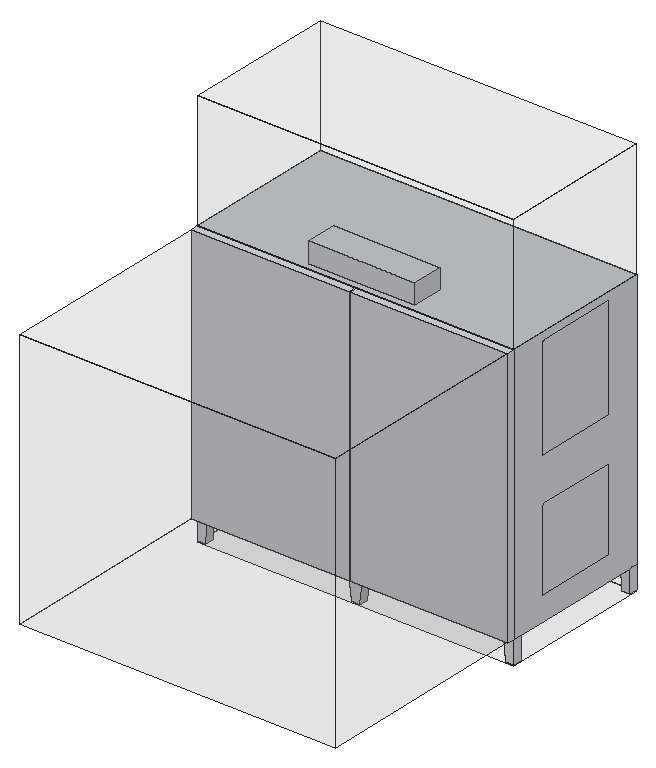
Revit family "AHU 3 _6", category Mechanické zařízení, Revit 2018
Family settings
  Kóta kulaté spojky = Použít průměr
  Typ dílu = Normální
  Číslo OmniClass = 23.75.00.00
  Nadpis OmniClass = Climate Control (HVAC)
  Založené na pracovní rovině = Ne
  Vždy vertikální = Ano
  Ořezat dutým tvarem při načtení = Ne
  Sdílené = Ne
  Bod výpočtu místnosti = Ne
Parameters (values of type "DUPLEXVENT Flexi (3G) DV4500 (RD5)")
  Width [instance] = 0.99 mm
  Weight [instance] = 408.00 kg
  URL = ""
  Type [instance] = "DUPLEXVENT Flexi (3G) DV4500 (RD5)"
  Total_SFP [instance] = 0
  Supply_outlet_hum [instance] = 25.1
  Supply_inlet_hum [instance] = 90
  Supply_ext_pressure [instance] = 200.0 Pa
  Supply_SFP [instance] = 0
  Source_adu_file [instance] = "C:\\\\Users\\\\dgavril\\\\OneDrive - Airflow Developments Ltd\\\\Desktop\\\\adu durley chine V4.adu"
  Recuperation_type [instance] = "Plate heat recovery exchanger"
  Recuperation_efficiency_EN308 [instance] = 82.6
  Project_name [instance] = "Durley Chine Passivhaus"
  Project_date [instance] = "13-08-2021"
  Power_supply_fusing [instance] = "0"
  Power_supply_cable [instance] = "0"
  Position [instance] = "AHU 3 "
  Phases_count [instance] = 3
  Panel_thickness [instance] = 0.06 mm
  Outer_surface [instance] = "RAL 9002"
  Length [instance] = 1.95 mm
  Insulation_type [instance] = "PUR"
  Insulation_thickness [instance] = 0.05 mm
  Installation_environment [instance] = ""
  Input_power_max [instance] = 5000 W
  Inner_surface [instance] = "Pozink"
  I2 [instance] = I1  # 0.0 L/s
  Height [instance] = 1.6 mm
  Exhaust_outlet_hum [instance] = 96
  Exhaust_inlet_hum [instance] = 40
  Exhaust_ext_pressure [instance] = 200.0 Pa
  Exhaust_SFP [instance] = 0
  E1 [instance] = E2 - M1  # 0.0 L/s
  E2 [instance] = 0.0 L/s
  I1 [instance] = 0.0 L/s
  Description = ""
  M1 [instance] = 0.0 L/s
  Device_dutypoint_version [instance] = "38"
  Device_design_version [instance] = "116"
  Device_adu_id [instance] = "6"
  Current_max [instance] = 7.6 A
  Casing_mat [instance] = "painted zinc layer"
  Cable type [instance] = "CYKY 5Jx2,5"
Reference planes
  plane 1 "Střed (vpředu/vzadu)": y = 0
  plane 2 "ref": z = 0
  plane 3 "Střed (vlevo/vpravo)": x = 0
Forms (mm)
  Sweep 1, solid
    path origin (0, 0, 0) x (0, 0, 1) y (1, 0, 0)
      loop
        line (0, 0) -> (1600, 0)
    profile origin (0, 0, 0) x (1, 0, 0) y (0, 1, 0)
      loop
        line (0, 0) -> (1950, 0) -> (1950, 945) -> (0, 945) -> (0, 0)
  Sweep 2, solid
    path origin (0, 0, 0) x (0, 0, 1) y (1, 0, 0)
      loop
        line (0, 0) -> (1600, 0)
    profile origin (0, 0, 0) x (1, 0, 0) y (0, 1, 0)
      loop
        line (0, 0) -> (0, -45) -> (1950, -45) -> (1950, 0) -> (0, 0)
  Sweep 3, solid
    path origin (1, 470, 400) x (0, 1, 0) y (-1, 0, 0)
      loop
        line (0, 0) -> (0, 1)
    profile origin (1, 470, 400) x (0, -1, 0) y (0, 0, 1)
      loop
        line (-250, -250) -> (250, -250) -> (250, 250) -> (-250, 250) -> (-250, -250)
  Sweep 4, solid
    path origin (1949, 470, 1240) x (1, 0, 0) y (0, 1, 0)
      loop
        line (0, 0) -> (1, 0)
    profile origin (1949, 470, 1240) x (0, 1, 0) y (0, 0, 1)
      loop
        line (-250, 315) -> (-250, -315) -> (250, -315) -> (250, 315) -> (-250, 315)
  Sweep 5, solid
    path origin (1949, 470, 400) x (1, 0, 0) y (0, 1, 0)
      loop
        line (0, 0) -> (1, 0)
    profile origin (1949, 470, 400) x (0, 1, 0) y (0, 0, 1)
      loop
        line (-250, 250) -> (-250, -250) -> (250, -250) -> (250, 250) -> (-250, 250)
  Sweep 6, solid
    path origin (1, 470, 1240) x (0, 1, 0) y (-1, 0, 0)
      loop
        line (0, 0) -> (0, 1)
    profile origin (1, 470, 1240) x (0, -1, 0) y (0, 0, 1)
      loop
        line (-250, -315) -> (250, -315) -> (250, 315) -> (-250, 315) -> (-250, -315)
  Sweep 7, solid
    path origin (750, 357, 0) x (0, -1, 0) y (0, 0, 1)
      loop
        line (0, 0) -> (0, -30)
    profile origin (750, 357, 0) x (-1, 0, 0) y (0, -1, 0)
      loop
        circle (0, 0) r 16
  Sweep 8, solid, material "Servisní prostor"
    path origin (0, 0, 0) x (0, 0, 1) y (1, 0, 0)
      loop
        line (0, 0) -> (1600, 0)
    profile origin (0, 0, 0) x (1, 0, 0) y (0, 1, 0)
      loop
        line (0, -1370) -> (1950, -1370) -> (1950, -45) -> (0, -45) -> (0, -1370)
  Sweep 9, solid, material "Servisní prostor"
    path origin (0, 0, 1600) x (0, 0, 1) y (1, 0, 0)
      loop
        line (0, 0) -> (720, 0)
    profile origin (0, 0, 1600) x (1, 0, 0) y (0, 1, 0)
      loop
        line (0, 0) -> (1950, 0) -> (1950, 945) -> (0, 945) -> (0, 0)
  Sweep 10, solid, material "Servisní prostor"
    path origin (0, 0, -150) x (0, 0, 1) y (1, 0, 0)
      loop
        line (0, 0) -> (150, 0)
    profile origin (0, 0, -150) x (1, 0, 0) y (0, 1, 0)
      loop
        line (0, 945) -> (0, 0) -> (1950, 0) -> (1950, 945) -> (0, 945)
  Sweep 11, solid
    path origin (0, 0, 0) x (0, 0, 1) y (1, 0, 0)
      loop
        line (0, 0) -> (1600, 0)
    profile origin (0, 0, 0) x (1, 0, 0) y (0, 1, 0)
      loop
        line (0, -45) -> (975, -45) -> (975, -5) -> (0, -5) -> (0, -45)
  Sweep 12, solid
    path origin (0, 0, 0) x (0, 0, 1) y (1, 0, 0)
      loop
        line (0, 0) -> (1600, 0)
    profile origin (0, 0, 0) x (1, 0, 0) y (0, 1, 0)
      loop
        line (975, -45) -> (1950, -45) -> (1950, -5) -> (975, -5) -> (975, -45)
  Sweep 13, solid
    path origin (25, 50, 0) x (1, 0, 0) y (0, 1, 0)
      loop
        line (0, 0) -> (0, -50)
    profile origin (25, 50, 0) x (1, 0, 0) y (0, 0, 1)
      loop
        line (-25, 0) -> (-25, -140) -> (25, -140) -> (35, 0) -> (-25, 0)
  Sweep 14, solid
    path origin (1925, 50, 0) x (1, 0, 0) y (0, 1, 0)
      loop
        line (0, 0) -> (0, -50)
    profile origin (1925, 50, 0) x (1, 0, 0) y (0, 0, 1)
      loop
        line (-35, 0) -> (-25, -140) -> (25, -140) -> (25, 0) -> (-35, 0)
  Sweep 15, solid
    path origin (25, 945, 0) x (1, 0, 0) y (0, 1, 0)
      loop
        line (0, 0) -> (0, -50)
    profile origin (25, 945, 0) x (1, 0, 0) y (0, 0, 1)
      loop
        line (-25, 0) -> (-25, -140) -> (25, -140) -> (35, 0) -> (-25, 0)
  Sweep 16, solid
    path origin (1925, 945, 0) x (1, 0, 0) y (0, 1, 0)
      loop
        line (0, 0) -> (0, -50)
    profile origin (1925, 945, 0) x (1, 0, 0) y (0, 0, 1)
      loop
        line (-35, 0) -> (-25, -140) -> (25, -140) -> (25, 0) -> (-35, 0)
  Sweep 17, solid
    path origin (975, 50, 0) x (1, 0, 0) y (0, 1, 0)
      loop
        line (0, 0) -> (0, -50)
    profile origin (975, 50, 0) x (1, 0, 0) y (0, 0, 1)
      loop
        line (-45, 0) -> (-25, -140) -> (25, -140) -> (45, 0) -> (-45, 0)
  Sweep 18, solid
    path origin (975, 945, 0) x (1, 0, 0) y (0, 1, 0)
      loop
        line (0, 0) -> (0, -50)
    profile origin (975, 945, 0) x (1, 0, 0) y (0, 0, 1)
      loop
        line (-45, 0) -> (-25, -140) -> (25, -140) -> (45, 0) -> (-45, 0)
  Sweep 19, solid
    path origin (0, 0, 1600) x (0, 0, 1) y (1, 0, 0)
      loop
        line (0, 0) -> (125, 0)
    profile origin (0, 0, 1600) x (1, 0, 0) y (0, 1, 0)
      loop
        line (650, 45) -> (1305, 45) -> (1305, 235) -> (650, 235) -> (650, 45)
  Sweep 20, solid
    path origin (650, 140, 1663) x (0, 0, -1) y (1, 0, 0)
      loop
        line (0, 0) -> (0, -1)
    profile origin (650, 140, 1663) x (0, 0, -1) y (0, -1, 0)
      loop
        circle (0, 0) r 10
Lines and regions (mm)
  model lines, style "Symbol"
    curve 1: line (1000, -45, 0) -> (1000, -45, 320)
    curve 2: line (1000, -45, 1600) -> (1000, -45, 1280)
    curve 3: line (0, -45, 800) -> (520, -45, 800)
    curve 4: line (1950, -45, 800) -> (1480, -45, 800)
    curve 5: line (520, -45, 800) -> (760, -45, 1280)
    curve 6: line (760, -45, 1280) -> (1240, -45, 1280)
    curve 7: line (1240, -45, 1280) -> (1480, -45, 800)
    curve 8: line (1480, -45, 800) -> (1240, -45, 320)
    curve 9: line (1240, -45, 320) -> (1000, -45, 320)
    curve 10: line (1000, -45, 320) -> (760, -45, 320)
    curve 11: line (760, -45, 320) -> (520, -45, 800)
    curve 12: line (1598, -45, 1314) -> (1854, -45, 1270)
    curve 13: line (1598, -45, 1086) -> (1854, -45, 1130)
    curve 14: line (352, -45, 1086) -> (96, -45, 1130)
    curve 15: line (352, -45, 1314) -> (96, -45, 1270)
    curve 16: line (175, -45, 160) -> (175, -45, 640)
    curve 17: line (175, -45, 640) -> (292, -45, 640)
    curve 18: line (292, -45, 640) -> (292, -45, 160)
    curve 19: line (292, -45, 160) -> (175, -45, 160)
    curve 20: line (234, -45, 160) -> (292, -45, 400)
    curve 21: line (234, -45, 640) -> (292, -45, 400)
    curve 22: line (1774, -45, 640) -> (1774, -45, 160)
    curve 23: line (1774, -45, 160) -> (1657, -45, 160)
    curve 24: line (1657, -45, 160) -> (1657, -45, 640)
    curve 25: line (1657, -45, 640) -> (1774, -45, 640)
    curve 26: line (1716, -45, 640) -> (1657, -45, 400)
    curve 27: line (1716, -45, 160) -> (1657, -45, 400)
    curve 28: line (673, -45, 280) -> (455, -45, 708)
    curve 29: line (455, -45, 708) -> (527, -45, 744)
    curve 30: line (527, -45, 744) -> (745, -45, 316)
    curve 31: line (745, -45, 316) -> (673, -45, 280)
    curve 32: line (542, -45, 554) -> (570, -45, 641)
    curve 33: line (630, -45, 383) -> (658, -45, 470)
    curve 34: line (0, -45, 0) -> (975, -45, 0)
    curve 35: line (0, -45, 1600) -> (975, -45, 1600)
    curve 36: line (0, -45, 0) -> (0, -45, 1600)
    curve 37: line (975, -45, 0) -> (975, -45, 1600)
    curve 38: line (0, -45, 0) -> (0, -5, 0)
    curve 39: line (975, -45, 0) -> (975, -5, 0)
    curve 40: line (0, -45, 1600) -> (0, -5, 1600)
    curve 41: line (975, -45, 1600) -> (975, -5, 1600)
    curve 42: line (975, -45, 0) -> (1950, -45, 0)
    curve 43: line (975, -45, 1600) -> (1950, -45, 1600)
    curve 44: line (975, -45, 0) -> (975, -45, 1600)
    curve 45: line (1950, -45, 0) -> (1950, -45, 1600)
    curve 46: line (975, -45, 0) -> (975, -5, 0)
    curve 47: line (1950, -45, 0) -> (1950, -5, 0)
    curve 48: line (975, -45, 1600) -> (975, -5, 1600)
    curve 49: line (1950, -45, 1600) -> (1950, -5, 1600)
    curve 50: circle (1710, -45, 1200) r 160 normal (0, -1, 0)
    curve 51: circle (240, -45, 1200) r 160 normal (0, -1, 0)
    curve 52: circle (556, -45, 598) r 12 normal (0, -1, 0)
    curve 53: circle (644, -45, 426) r 12 normal (0, -1, 0)
Dimensions and locks
  aligned and locked: level to plane 2 "ref"
Connectors
  hvac at (0, 470, 400), driven by "E1"
    settings: on Sweep 3, index 1, duct flow 0.0 L/s, flow factor 0, pres drop 0.0 Pa, loss coef 0, conn angle 0.00°, conn width 500 mm, conn height 500 mm, conn diameter 609.6 mm, duct sys type 1, conn prof type 1, flow config 1, flow direction 1, loss method 0, conn ref index -1, conn util no, is conn primary yes, conn desc ""
  hvac at (1950, 470, 1240), driven by "E2"
    settings: on Sweep 4, index 2, duct flow 0.0 L/s, flow factor 1, pres drop 0.0 Pa, loss coef 0, conn angle 0.00°, conn width 500 mm, conn height 630 mm, conn diameter 609.6 mm, duct sys type 1, conn prof type 1, flow config 2, flow direction 2, loss method 0, conn ref index -1, conn util no, is conn primary no, conn desc ""
  hvac at (1950, 470, 400), driven by "I1"
    settings: on Sweep 5, index 3, duct flow 0.0 L/s, flow factor 1, pres drop 0.0 Pa, loss coef 0, conn angle 0.00°, conn width 500 mm, conn height 500 mm, conn diameter 609.6 mm, duct sys type 3, conn prof type 1, flow config 2, flow direction 1, loss method 0, conn ref index -1, conn util no, is conn primary no, conn desc ""
  hvac at (0, 470, 1240), driven by "I2"
    settings: on Sweep 6, index 4, duct flow 0.0 L/s, flow factor 0, pres drop 0.0 Pa, loss coef 0, conn angle 0.00°, conn width 500 mm, conn height 630 mm, conn diameter 609.6 mm, duct sys type 3, conn prof type 1, flow config 1, flow direction 2, loss method 0, conn ref index -1, conn util no, is conn primary no, conn desc ""
  piping at (750, 357, -30), diameter 22
    settings: on Sweep 7, index 5, connector inside diameter 609.6 mm, connector length 0 mm, flow factor 0, pipe flow 0.0 L/s, pressure drop 0.0 Pa, fitting loss kfactor 0, connector angle 0.00°, fixture units 0, engagement length 0 mm, angle of deflection 0.00°, flow configuration 1, flow direction 2, fitting loss method 0, system type 16, joint type 0, gender type 0, connector reference index -1, connector utility 0, adjustable connector no, is connector primary yes, connector description ""
  electrical at (649, 140, 1663)
    settings: on Sweep 20, index 6, voltage 400 V, apparent load 0 VA, apparent load phase1 0 VA, apparent load phase2 0 VA, apparent load phase3 0 VA, power factor 1, load classification "Další", number of poles 3, system type 31, power factor state 1, is connector primary yes, connector utility no, sub classification motor no, connector description ""
